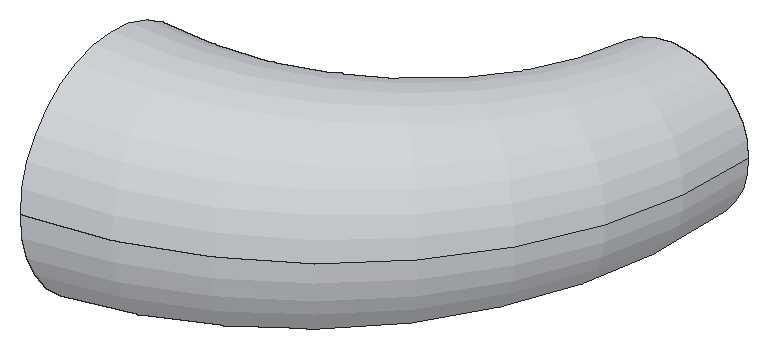
Revit family "Cotovelo de redução - Soquete - Aço", category Conexões de tubo, Revit 2019
Family settings
  Cota do conector redondo = Usar raio
  Tipo de parte = Cotovelo
  Com base no plano de trabalho = Não
  Sempre na vertical = Sim
  Corte com vazios quando carregada = Não
  Compartilhado = Não
Parameters (values of type "Padrão")
  Diâmetro mínimo nominal 12 [instance] = if(Diâmetro nominal 1 > Diâmetro nominal 2, Diâmetro nominal 2, Diâmetro nominal 1)  # 100 mm
  Diâmetro nominal máximo 12 [instance] = if(Diâmetro nominal 1 > Diâmetro nominal 2, Diâmetro nominal 1, Diâmetro nominal 2)  # 150 mm
  Nome da tabela de pesquisa = "BR_Elbow Reducing - Socket - Steel"
  Comprimento 2 [instance] = Centro ao final + Centro ao final * cos(Ângulo)  # 229 mm
  Comprimento 1 [instance] = Centro ao final * sin(Ângulo)  # 229 mm
  Tamanho da marca de cota 2 [instance] = Diâmetro externo da conexão 2 * 0.4  # 45.6 mm
  Tamanho da marca de cota 1 [instance] = Diâmetro externo da conexão 1 * 0.4  # 67.2 mm
  Raio nominal 2 [instance] = 50 mm
  Raio nominal 1 [instance] = 75 mm
  Diâmetro nominal 2 [instance] = Raio nominal 2 * 2  # 100 mm
  Diâmetro nominal 1 [instance] = Raio nominal 1 * 2  # 150 mm
  Método de perda = Coeficiente K da tabela
  Tabela de coeficiente K = "Cotovelo rosqueado comum de 45, 90 e 180"
  Raio externo da conexão 2 [instance] = Diâmetro externo da conexão 2 / 2  # 57 mm
  Raio externo da conexão 1 [instance] = Diâmetro externo da conexão 1 / 2  # 84 mm
  Diâmetro externo da conexão 1 [instance] = size_lookup(Nome da tabela de pesquisa, "FOD", 1.07 * Diâmetro nominal 1 + 6.1 mm, Diâmetro nominal 1)  # 168 mm
  Diâmetro externo da conexão 2 [instance] = size_lookup(Nome da tabela de pesquisa, "FOD", 1.07 * Diâmetro nominal 2 + 6.1 mm, Diâmetro nominal 2)  # 114 mm
  Centro ao final [instance] = size_lookup(Nome da tabela de pesquisa, "CtE", 0.62 * Diâmetro nominal 1 + 0.24 * Diâmetro nominal 2 + 15.1 mm, Diâmetro nominal máximo 12)  # 229 mm
  Raio do centro [instance] = Centro ao final / tan(Ângulo / 2)  # 229 mm
  Assembly Code = ""
  Ângulo 1 [instance] = 180.00° - Ângulo  # 90.00°
  Ângulo [instance] = 90.00°
Reference planes
  plane 1 "Centro (Frente/Trás)": y = 0
  plane 2: z = 0
  plane 3 "Centro (Esquerda/Direita)": x = 0
  plane 4: x = -229
  plane 5: x = 0
  plane 6 "tm": y = 229
  plane 7: y = 229
  plane 8: y = 229
  plane 9: x = 0
Forms (mm)
  SweptBlend 1, solid, detail levels fine
    path in 3D
      loop
        arc (-229, 0, 0) -> (-67.073, 67.073, 0) -> (0, 229, 0) r 229
    profile origin (-229, 0, 0) x (0, 1, 0) y (0, 0, 1)
      loop
        circle (0, 0) r 84
    end profile origin (0, 229, 0) x (-1, 0, 0) y (0, 0, 1)
      loop
        circle (0, 0) r 57
Lines and regions (mm)
  reference lines
    curve 1: line (0, 229, 0) -> (0, 223.9, 0)
    curve 9: line (0, 0, 0) -> (0, 229, 0)
  model lines, detail levels coarse+medium
    curve 2: line (0, 367.348, 0) -> (0, 368.142, 0)
    curve 3: line (-229, 0, 0) -> (-229, 67.2, 0)
    curve 4: line (-229, 0, 0) -> (-229, -67.2, 0)
    curve 5: arc (-229, 0, 0) -> (-67.073, 67.073, 0) -> (0, 229, 0) r 229
    curve 7: line (0, 229, 0) -> (45.6, 229, 0)
    curve 8: line (0, 229, 0) -> (-45.6, 229, 0)
  sketch lines
    curve 6: arc (-229, 0, 0) -> (-67.073, 67.073, 0) -> (0, 229, 0) r 229
Dimensions and locks
  "Centro ao final": plane 4 to plane 3 "Centro (Esquerda/Direita)"
  "Comprimento 2": plane 4 to plane 5
  "Comprimento 1": plane 6 "tm" to plane 1 "Centro (Frente/Trás)"
  "Raio do centro": plane 7 to plane 1 "Centro (Frente/Trás)"
  "Tamanho da marca de cota 1": curve 3 to curve 3
  "Tamanho da marca de cota 1": curve 4 to curve 4
  "Tamanho da marca de cota 2": curve 7 to curve 7
  "Tamanho da marca de cota 2": curve 8 to curve 8
  "Centro ao final": curve 9 to curve 9
  "Raio externo da conexão 1": radius of SweptBlend 1 sketch curve
  "Raio externo da conexão 2": radius of SweptBlend 1 sketch curve
  "Ângulo": angle plane 8 to curve 1
  "Ângulo": angle plane 6 "tm" to curve 2
  "Ângulo": angle curve 5 to curve 5
  angle curve 2 to curve 7 = 90.00°
  locked: curve 8 to curve 2 (angle 90.00°)
  "Ângulo": angle plane 1 "Centro (Frente/Trás)" to curve 9
  aligned and locked: plane 8 to curve 1
  aligned and locked: plane 9 to curve 1
  aligned and locked: plane 7 to curve 5
  aligned and locked: plane 1 "Centro (Frente/Trás)" to curve 9
  aligned and locked: plane 3 "Centro (Esquerda/Direita)" to curve 9
  aligned and locked: plane 8 to plane 7
  aligned and locked: plane 4 to curve 3
Automatic sketch dimensions
  SweptBlend 1 sketch curve to profile plane = 0 mm  (x4)
  plane 1 "Centro (Frente/Trás)" to curve 5 = 0 mm
  curve 9 to curve 2 = 0 mm
  curve 9 to curve 2 = 138.348 mm
  curve 9 to curve 8 = 0 mm
  curve 7 to curve 2 = 139.142 mm
Connectors
  piping at (-229, 0, 0), diameter 150, driven by "Raio nominal 1", driven by "Ângulo"
    settings: on SweptBlend 1, index 1, connector inside diameter 150 mm, connector length 0 mm, flow factor 0, pipe flow 0.0 L/s, pressure drop 0.0 Pa, fitting loss kfactor 0, connector angle 90.00°, fixture units 0, engagement length 0 mm, angle of deflection 0.00°, flow configuration 0, flow direction 0, fitting loss method 0, system type 28, joint type 0, gender type 0, connector reference index 2, connector utility 0, adjustable connector no, is connector primary yes, connector description ""
  piping at (0, 229, 0), diameter 100, driven by "Raio nominal 2", driven by "Ângulo"
    settings: on SweptBlend 1, index 2, connector inside diameter 100 mm, connector length 0 mm, flow factor 0, pipe flow 0.0 L/s, pressure drop 0.0 Pa, fitting loss kfactor 0, connector angle 90.00°, fixture units 0, engagement length 0 mm, angle of deflection 0.00°, flow configuration 0, flow direction 0, fitting loss method 0, system type 28, joint type 0, gender type 0, connector reference index 1, connector utility 0, adjustable connector no, is connector primary no, connector description ""
